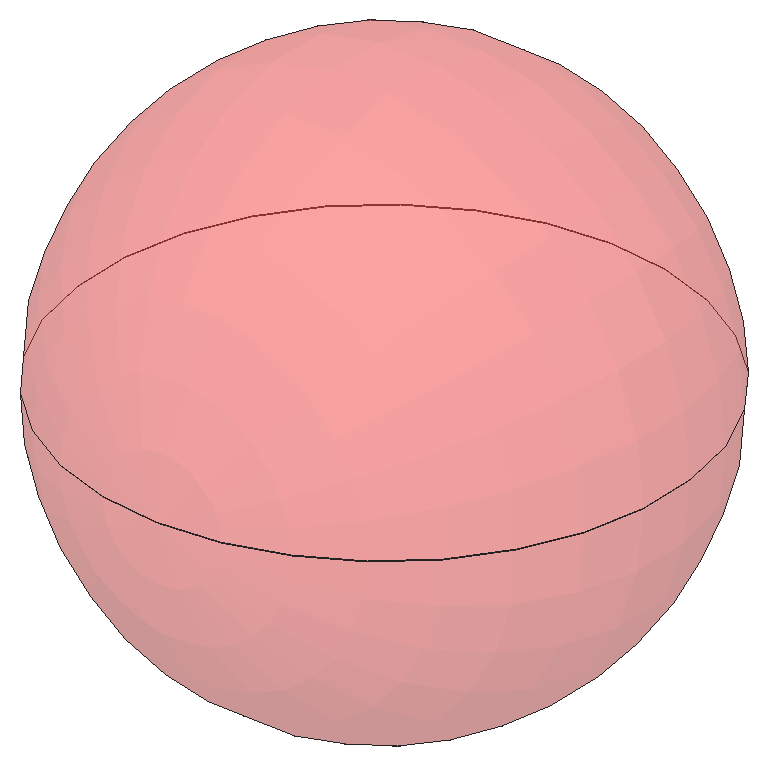
Revit family "Sphere of Disturbance", category Generic Models, host Face, Revit 2020
Family settings
  Host = Face
  Can host rebar = No
  Round Connector Dimension = Use Diameter
  Part Type = Normal
  Cut with Voids When Loaded = No
  Shared = No
  Room Calculation Point = No
Parameters
  SidePlate Miscellaneous ID [instance] = ""
  Default Elevation = 4' - 0"
Reference planes (in)
  plane 1 "Center (Front/Back)": y = 0
  plane 2: z = 0
  plane 3 "Center (Left/Right)": x = 0
Forms (in)
  Revolve 1, solid, material "Red"
    sketch origin (0, 0, 0) x (1, 0, 0) y (0, 1, 0)
      loop
        arc (0, 24) -> (-24, 0) -> (0, -24) r 24
        line (0, -24) -> (0, 24)
      axis (0, 24) -> (0, -24)
    angle from 0 to 360
Dimensions and locks (in)
  aligned and locked: plane 2 to host face
  aligned and locked: level to host face
